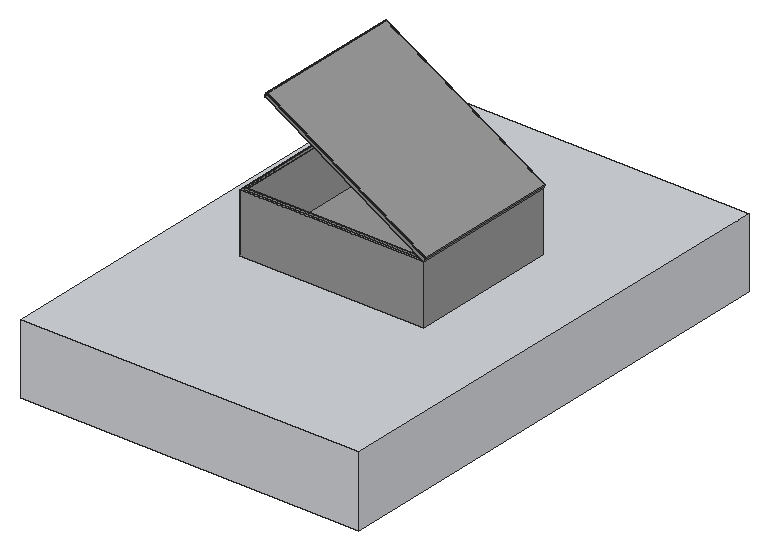
Revit family "Hager-Univers-IP55-D275-H650-Cl.II-Steel_encl-ES-es", category Equipement électrique, Revit 2020
Family settings
  Hôte = Face
  Configuration du panneau = Deux colonnes, circuits au sein
  Cote de connecteur circulaire = Utiliser le diamètre
  Type d'élément = Tableau de raccordement
  Couper avec des vides une fois chargée = Non
  Partagée = Non
  Point de calcul de pièce = Non
Parameters (values of type "Montado superficial (escayola) IP55 A800 A650 P275  - FR43S")
  Width Control [instance] = if([EF000008 - Anchura] > Min Width, [EF000008 - Anchura], Min Width)  # 800 mm
  Commentaires du type = [HG000003 - Gama]  # "Univers"
  Thickness Door [instance] = if([EF009171 - Espesor puerta/tapa] > 3 mm, 3 mm, [EF009171 - Espesor puerta/tapa])  # 1.5 mm
  Seal Frame Offset [instance] = 17 mm  # constant formula
  Plinth Visibility [instance] = [HG000027 - Altura de zócalo] > 0 mm  # no
  Model = ""
  Min Width [instance] = 100 mm  # constant formula
  Min Height [instance] = 100 mm  # constant formula
  Min Depth [instance] = (2 * [EF009170 - Espesor del material de la caja]) + 1 mm  # 4 mm
  Internal Frame Depth [instance] = (Door System Depth * 0.5)  # 9 mm
  Height Control [instance] = if([EF000040 - Altura] > Min Height, [EF000040 - Altura], Min Height)  # 650 mm
  HG000027 - Altura de zócalo = 0 mm
  HG000026 - Instalación en suelo = no
  HG000024 - Altura de la sección inferior = 800 mm
  HG000023 - Caja de doble sección = no
  HG000016 - Visibilidad de la puerta 3D [instance] = yes
  HG000015 - Visibilidad a través de la puerta [instance] = no
  HG000014 - Puerta a la derecha [instance] = yes
  HG000013 - Puerta a la izquierda [instance] = not([HG000014 - Puerta a la derecha])  # no
  HG000012 - Ángulo de giro de la puerta [instance] = 30.00°
  HG000010 - Puertas asimétricas = no
  HG000009 - Puerta batiente doble = no
  HG000006 - Empotrado = no
  HG000004 - Referencia del fabricante = "FR43S"
  HG000003 - Gama = "Univers"
  HG000002 - Con puerta o tapa = yes
  Frame Offset Bottom [instance] = 10 mm  # constant formula
  Frame Offset [instance] = 15 mm  # constant formula
  EF015940 - Tapa con alivio de sobrepresión = no
  EF011959 - Grado de protección (NEMA) = ""
  EF009554 - Número de aberturas para placas-brida = 6
  Fabricant = "Hager"  # constant formula
  EF009212 - Versión de la cubierta = "EV000116 - Cerrado"
  EF009171 - Espesor puerta/tapa = 1.5 mm
  EF009170 - Espesor del material de la caja = 1.5 mm
  EF008873 - Corriente nominal (In) = 800 A
  EF007800 - Adecuado para la protección contra rayos = no
  EF006306 - Con cierre = no
  EF006244 - Tapa/puerta transparente = no
  EF005474 - Grado de protección (IP) = "EV006420 - IP55"
  EF004464 - Tipo de puerta = "EV002646 - Único"
  EF004427 - Número de módulos = 144
  EF004293 - Resistencia al impacto (IK) = "EV008784 - IK10"
  EF003532 - Adecuado para uso en exteriores = no
  EF002950 - Anchura de unidades de división = 24
  EF001613 - Integridad del circuito = "EV000494 - Ninguno"
  EF001596 - Material de la carcasa = "EV000179 - Acero"
  EF001131 - Profundidad interna = 275 mm
  EF001088 - Posibilidad de extensión = yes
  EF000437 - Número de entradas de conductos de cables = 6
  EF000339 - Tipo de cubierta = "EV004216 - Puerta"
  EF000266 - Número de filas = 4
  EF000218 - Profundidad de instalación = 0 mm
  EF000118 - Con placa de montaje = no
  EF000116 - Número RAL = "7035"
  EF000049 - Profundidad = 275 mm
  EF000040 - Altura = 650 mm
  EF000008 - Anchura = 800 mm
  EF000007 - Color = "EV000270 - Gris"
  EF000003 - Tipo de montaje = "EV000384 - Montado superficial (escayola)"
  Door System Leaf Tolerance [instance] = 1.5 mm  # constant formula
  Door System Depth [instance] = 18 mm  # constant formula
  Door Height [instance] = Height Control - [HG000027 - Altura de zócalo]  # 650 mm
  Depth Control [instance] = if([EF000049 - Profundidad] > Min Depth, [EF000049 - Profundidad], Min Depth)  # 275 mm
  Default Elevation = 0 mm
  Connector Offset [instance] = Height Control / 2  # 325 mm
  Bottom Top Plate Trim [instance] = 1.5 mm  # constant formula
  Plinth height Ctrl [instance] = if([HG000027 - Altura de zócalo] > 0 mm, [HG000027 - Altura de zócalo], 12 mm)  # 12 mm
Types (5, lengths in mm): name | Width Control | HG000010 - Puertas asimétricas | HG000009 - Puerta batiente doble | HG000004 - Referencia del fabricante | EF009554 - Número de aberturas para placas-brida | EF004464 - Tipo de puerta | EF004427 - Número de módulos | EF000437 - Número de entradas de conductos de cables | EF000008 - Anchura
  Montado superficial (escayola) IP55 A1050 A650 P275  - FR44S | 1050 | no | yes | "FR44S" | 8 | "EV003602 - Doble" | 192 | 8 | 1050
  Montado superficial (escayola) IP55 A1300 A650 P275  - FR45S | 1300 | yes | yes | "FR45S" | 10 | "EV003602 - Doble" | 240 | 10 | 1300
  Montado superficial (escayola) IP55 A300 A650 P275  - FR41S | 300 | no | no | "FR41S" | 2 | "EV002646 - Único" | 48 | 2 | 300
  Montado superficial (escayola) IP55 A550 A650 P275  - FR42S | 550 | no | no | "FR42S" | 4 | "EV002646 - Único" | 96 | 4 | 550
  Montado superficial (escayola) IP55 A800 A650 P275  - FR43S | 800 | no | no | "FR43S" | 6 | "EV002646 - Único" | 144 | 6 | 800
Reference planes
  plane 1 "Center (Front/Back)": y = 0
  plane 2: z = 0
  plane 3 "Center (Left/Right)": x = 0
  plane 4: z = 275
  plane 5: y = 1.5
  plane 6: y = 325
  plane 7: y = 0
  plane 8: y = 650
  plane 9: z = 0
  plane 10: x = -385
  plane 11: x = 385
  plane 12: x = 383.5
  plane 13: x = -383.5
  plane 14: y = 648.5
  plane 15: x = -383
  plane 16: x = -400
  plane 17: x = 383
  plane 18: x = 400
  plane 19: x = 398.5
  plane 20: x = -398.5
  plane 21: y = 11.5
  plane 22: y = 650
  plane 23: y = 633.5
  plane 24: z = 257
  plane 25: z = 1.5
  plane 26: z = 255.5
  plane 27: z = 273.5
Forms (mm)
  Extrusion 1, solid
    sketch origin (0, 0, 0) x (1, 0, 0) y (0, 1, 0)
      loop
        line (-702.964, 1305) -> (-702.964, -811.445) -> (766.763, -811.445) -> (766.763, 1305) -> (-702.964, 1305)
    from 0 to -304.8
  Extrusion 2, solid, material "Hager_Steel_RAL7035_Light_Grey", visible <- "Plinth Visibility", detail levels medium+fine
    sketch origin (0, 0, 0) x (1, 0, 0) y (0, 1, 0)
      loop
        line (-400, 0) -> (400, 0) -> (400, 12) -> (-400, 12) -> (-400, 0)
    from 0 to 257
  Extrusion 3, solid, material "Hager_Steel_RAL7035_Light_Grey", detail levels medium+fine
    sketch origin (0, 0, 0) x (1, 0, 0) y (0, 1, 0)
      loop
        line (-400, 0) -> (400, 0) -> (400, 650) -> (-400, 650) -> (-400, 0)
    from 0 to 257
  Extrusion 4, void
    sketch origin (0, 0, 0) x (1, 0, 0) y (0, 1, 0)
      loop
        line (-398.5, 1.5) -> (398.5, 1.5) -> (398.5, 648.5) -> (-398.5, 648.5) -> (-398.5, 1.5)
    from 1.5 to 255.5
  Extrusion 5, void
    sketch origin (-381.607, -4572, 257) x (0, -1, 0) y (-1, 0, 0)
      loop
        line (-4583.5, 1.893) -> (-5205.5, 1.893) -> (-5205.5, -765.107) -> (-4583.5, -765.107) -> (-4583.5, 1.893)
    from 0 to 1.5 <- "EF009170 - Espesor del material de la caja"
  Extrusion 6, solid, material "Hager_Steel_RAL7035_Light_Grey", detail levels fine
    sketch origin (0, 0, 257) x (1, 0, 0) y (0, 1, 0)
      loop
        line (-383.5, 633.5) -> (-383.5, 11.5) -> (383.5, 11.5) -> (383.5, 633.5) -> (-383.5, 633.5)
      loop
        line (-385, 10) -> (385, 10) -> (385, 635) -> (-385, 635) -> (-385, 10)
    from 0 to 9 <- "Internal Frame Depth"
  Extrusion 7, solid, material "Hager_Steel_RAL7035_Light_Grey", detail levels coarse
    sketch origin (0, 0, 0) x (1, 0, 0) y (0, 1, 0)
      loop
        line (-400, 0) -> (400, 0) -> (400, 650) -> (-400, 650) -> (-400, 0)
    from 0 to 275
  Sweep 8, void
    path in 3D
      loop
        line (-400, 12, 0) -> (400, 12, 0) -> (400, 12, 257) -> (-400, 12, 257) -> (-400, 12, 0)
    profile origin (-400, 12, 128.5) x (-1, 0, 0) y (0, -1, 0)
      loop
        line (0, 0) -> (0, 1.5) -> (-1.5, 1.5)
        arc (-1.5, 1.5) -> (-1.061, 0.439) -> (0, 0) r 1.5
Cuts and joins
  Extrusion 4, Extrusion 5 cuts Extrusion 3
  Sweep 8 cuts Extrusion 2
Lines and regions (mm)
  Masking region 1
    outline origin (0, 0, 0) x (1, 0, 0) y (0, 0, 1)
      loop
        line (-400, 275) -> (-400, 0) -> (400, 0) -> (400, 275) -> (-400, 275)
  Masking region 2, detail levels medium+fine
    outline origin (0, 140, 0) x (0, 1, 0) y (0, 0, 1)
      loop
        line (-140, 0) -> (510, 0) -> (510, 257) -> (-140, 257) -> (-140, 0)
  Masking region 3, not visible, detail levels medium+fine
    outline origin (0, 297.922, 0) x (0, 1, 0) y (0, 0, 1)
      loop
        line (38.578, 0) -> (78.578, 0) -> (78.578, 263.5)
        arc (78.578, 263.5) -> (75.649, 270.571) -> (68.578, 273.5) r 10
        line (68.578, 273.5) -> (38.578, 273.5) -> (38.578, 0)
  Masking region 4, detail levels coarse
    outline origin (0, 0, 180) x (0, 1, 0) y (0, 0, 1)
      loop
        line (0, -180) -> (650, -180) -> (650, 95) -> (0, 95) -> (0, -180)
  Masking region 5, visible <- "Plinth Visibility", detail levels medium+fine
    outline origin (0, 52.24, 12.345) x (0, 0, -1) y (0, 1, 0)
      loop
        line (10.845, -40.24) -> (-243.155, -40.24)
        arc (-243.155, -40.24) -> (-243.594, -41.301) -> (-244.655, -41.74) r 1.5
        line (-244.655, -41.74) -> (-244.655, -52.24) -> (12.345, -52.24) -> (12.345, -41.74)
        arc (12.345, -41.74) -> (11.285, -41.301) -> (10.845, -40.24) r 1.5
  Masking region 6, detail levels medium+fine
    outline origin (-381.607, -4572, 257) x (-1, 0, 0) y (0, -1, 0)
      loop
        line (18.393, -5222) -> (18.393, -4572) -> (-781.607, -4572) -> (-781.607, -5222) -> (18.393, -5222)
  Masking region 7, visible <- "Plinth Visibility", detail levels medium+fine
    outline origin (-381.607, -4727, 257) x (-1, 0, 0) y (0, -1, 0)
      loop
        arc (16.893, -4739) -> (17.332, -4737.939) -> (18.393, -4737.5) r 1.5
        line (18.393, -4737.5) -> (18.393, -4727) -> (-781.607, -4727) -> (-781.607, -4737.5)
        arc (-781.607, -4737.5) -> (-780.546, -4737.939) -> (-780.107, -4739) r 1.5
        line (-780.107, -4739) -> (16.893, -4739)
  Masking region 8, detail levels coarse
    outline origin (-442.548, -4669.526, 257) x (-1, 0, 0) y (0, -1, 0)
      loop
        line (-42.548, -5319.526) -> (-42.548, -4669.526) -> (-842.548, -4669.526) -> (-842.548, -5319.526) -> (-42.548, -5319.526)
  sketch lines
    curve 1: line (-400, 12, 257) -> (-400, 12, 0)
    curve 2: line (400, 12, 257) -> (-400, 12, 257)
    curve 3: line (400, 12, 257) -> (400, 12, 0)
    curve 4: line (-400, 12, 0) -> (400, 12, 0)
Dimensions and locks
  "Depth Control": plane 4 to Extrusion 1
  "HG000027 - Altura de zócalo": plane 1 "Center (Front/Back)" to plane 7
  "EF009170 - Espesor del material de la caja": plane 5 to plane 7
  locked: connector elem to plane 3 "Center (Left/Right)"
  equal spacing: plane 8, plane 6, plane 7
  locked: connector elem to plane 6
  "EF009170 - Espesor del material de la caja": plane 8 to plane 14
  "EF009170 - Espesor del material de la caja": plane 10 to plane 13
  "EF009170 - Espesor del material de la caja": plane 12 to plane 11
  "Frame Offset": plane 20 to plane 13
  "Frame Offset": plane 12 to plane 19
  "EF009170 - Espesor del material de la caja": plane 16 to plane 20
  "EF009170 - Espesor del material de la caja": plane 19 to plane 18
  "Seal Frame Offset": plane 16 to plane 15
  "Seal Frame Offset": plane 17 to plane 18
  "Frame Offset Bottom": plane 21 to plane 5
  "Frame Offset": plane 14 to plane 23
  equal spacing: plane 16, plane 3 "Center (Left/Right)", plane 18
  "Width Control": plane 16 to plane 18
  "EF009170 - Espesor del material de la caja": plane 4 to plane 27
  "EF009170 - Espesor del material de la caja": plane 24 to plane 26
  "EF009170 - Espesor del material de la caja": plane 25 to level
  "Door System Depth": plane 4 to plane 24
  "Height Control": plane 1 "Center (Front/Back)" to Extrusion 7 sketch curve
  "Height Control": Masking region 4 sketch curve to plane 1 "Center (Front/Back)"
  "Height Control": plane 1 "Center (Front/Back)" to plane 22
  "Bottom Top Plate Trim": profile plane to Sweep 8 sketch curve
  "Bottom Top Plate Trim": Sweep 8 sketch curve to profile plane
  "Plinth height Ctrl": plane 1 "Center (Front/Back)" to Extrusion 2 sketch curve
  "Plinth height Ctrl": Masking region 5 sketch curve to plane 1 "Center (Front/Back)"
  "Plinth height Ctrl": plane 1 "Center (Front/Back)" to Masking region 7 sketch curve
  "Thickness Door": Extrusion 6 sketch curve to Extrusion 6 sketch curve  (x3)
  "Thickness Door": cut or joined group of Extrusion 3, Extrusion 4, Extrusion 5 to Extrusion 6 sketch curve
  radius of Masking region 3 sketch curve = 10 mm
  "Bottom Top Plate Trim": radius of Masking region 5 sketch curve  (x2)
  "Bottom Top Plate Trim": radius of Sweep 8 sketch curve
  "Bottom Top Plate Trim": radius of Masking region 7 sketch curve  (x2)
  aligned and locked: plane 2 to Extrusion 1
  aligned and locked: level to Extrusion 1
  aligned and locked: level to Masking region 1 sketch curve
  aligned and locked: Masking region 1 sketch curve to plane 18
  aligned and locked: Masking region 1 sketch curve to plane 16
  aligned and locked: plane 7 to Masking region 2 sketch curve
  aligned and locked: level to Masking region 3 sketch curve
  aligned and locked: Masking region 3 sketch curve to plane 27
  aligned and locked: level to Masking region 2 sketch curve
  aligned and locked: plane 1 "Center (Front/Back)" to Extrusion 2 sketch curve
  aligned and locked: Extrusion 3 sketch curve to plane 7
  aligned and locked: plane 16 to Extrusion 3 sketch curve
  aligned and locked: plane 18 to Extrusion 3 sketch curve
  aligned and locked: plane 20 to Extrusion 4 sketch curve
  aligned and locked: plane 19 to Extrusion 4 sketch curve
  aligned and locked: Extrusion 4 sketch curve to plane 5
  aligned and locked: Extrusion 4 to plane 25
  aligned and locked: plane 26 to Extrusion 4
  aligned and locked: plane 24 to Extrusion 3
  aligned and locked: Extrusion 5 sketch curve to plane 21
  aligned and locked: Extrusion 5 sketch curve to plane 13
  aligned and locked: Extrusion 5 sketch curve to plane 12
  aligned and locked: plane 18 to Extrusion 7 sketch curve
  aligned and locked: plane 1 "Center (Front/Back)" to Extrusion 7 sketch curve
  aligned and locked: plane 16 to Extrusion 7 sketch curve
  aligned and locked: plane 4 to Extrusion 7
  aligned and locked: Extrusion 7 to level
  aligned and locked: level to Masking region 4 sketch curve
  aligned and locked: Masking region 4 sketch curve to plane 1 "Center (Front/Back)"
  aligned and locked: Masking region 4 sketch curve to plane 4
  aligned and locked: nested 1 to level
  aligned and locked: nested 1 to plane 16
  aligned and locked: plane 8 to Extrusion 3 sketch curve
  aligned and locked: plane 23 to Extrusion 5 sketch curve
  aligned and locked: plane 14 to Extrusion 4 sketch curve
  aligned and locked: Masking region 2 sketch curve to plane 8
  aligned and locked: level to Masking region 5 sketch curve
  aligned and locked: plane 16 to Extrusion 2 sketch curve
  aligned and locked: plane 18 to Extrusion 2 sketch curve
  aligned and locked: Masking region 5 sketch curve to plane 24
  aligned and locked: Masking region 2 sketch curve to plane 24
  aligned and locked: plane 24 to Extrusion 2
  aligned and locked: profile plane to Sweep 8 sketch curve  (x2)
  aligned and locked: Masking region 6 sketch curve to plane 18
  aligned and locked: Masking region 6 sketch curve to plane 22
  aligned and locked: Masking region 6 sketch curve to plane 16
  aligned and locked: plane 8 to plane 22
  aligned and locked: Masking region 6 sketch curve to plane 7
  aligned and locked: Masking region 7 sketch curve to plane 16
  aligned and locked: Masking region 7 sketch curve to plane 1 "Center (Front/Back)"
  aligned and locked: Masking region 7 sketch curve to plane 18
  aligned and locked: Masking region 8 sketch curve to plane 1 "Center (Front/Back)"
  aligned and locked: Masking region 8 sketch curve to plane 18
  aligned and locked: Masking region 8 sketch curve to plane 22
  aligned and locked: Masking region 8 sketch curve to plane 16
  aligned and locked: nested 2 to plane 7
  aligned and locked: plane 3 "Center (Left/Right)" to nested 2
  aligned and locked: nested 2 to plane 24
  aligned and locked: Extrusion 6 sketch curve to cut or joined group of Extrusion 3, Extrusion 4, Extrusion 5  (x4)
Automatic sketch dimensions
  Extrusion 1 sketch curve to Extrusion 1 sketch curve = 1469.727 mm
  Extrusion 1 sketch curve to Extrusion 1 sketch curve = 2116.445 mm
  Masking region 1 sketch curve to plane 4 = 0 mm
  plane 6 to Masking region 3 sketch curve = 11.5 mm
  Masking region 3 sketch curve to Masking region 3 sketch curve = 30 mm
  Masking region 5 sketch curve to plane 1 "Center (Front/Back)" = 0 mm
Nested families
  nested 1: "Hager_Enclosure_Symbol" at (-400, 0, 0) x (1, 0, 0) z (0, -1, 0), Height <- "Depth Control", Width <- "Width Control", type "Hager_Enclosure_Symbol"
    with Width_Ctrl 800 mm, Width 800 mm, Height_Ctrl 275 mm, Height 275 mm, A_Width_Int 18.047 mm, A_Width 216.562 mm, A_Height_Ctrl 240.625 mm, A_Height 240.625 mm
  nested 2: "EC000058_Univers_Door" at (0, 0, 257) x (1, 0, 0) z (0, 1, 0), Leaf_Tolerance <- "Door System Leaf Tolerance", Angle <- "HG000012 - Ángulo de giro de la puerta", Door_Depth <- "Door System Depth", Door_Left <- "HG000013 - Puerta a la izquierda", Transparent <- "EF006244 - Tapa/puerta transparente", Assymetrical <- "HG000010 - Puertas asimétricas", Width <- "Width Control", Clearance <- "HG000015 - Visibilidad a través de la puerta", Double <- "HG000009 - Puerta batiente doble", 3d_Door <- "HG000016 - Visibilidad de la puerta 3D", Lock_Visibility <- "EF006306 - Con cierre", Width_Ctrl <- "Width Control", Door_Right <- "HG000014 - Puerta a la derecha", Door <- "HG000002 - Con puerta o tapa", Height <- "Door Height", Thickness <- "Thickness Door", type "EC000058_Univers_Door", detail levels medium+fine
    with min_wh 4 mm, Width_Ctrl 800 mm, Width 800 mm, Transparent no, Thickness 1.5 mm, Seal_Material Hager_Rubber, Lock_Visibility no, Lock_Material Hager_Plastic_RAL9005_Jet_Black, Leaf_Width 800 mm, Leaf_Tolerance_External_Sides 0 mm, Leaf_Tolerance 1.5 mm, Leaf_Offset 0 mm, Leaf_Height 647 mm, Leaf_2_Width 800 mm, Leaf_2_Offset 400 mm, Leaf_1_Width 800 mm, Leaf_1_Offset 400 mm, Height_Ctrl 650 mm, Height 650 mm, Glass_Material Hager_Glass, Double_Clearance_Ctrl no, Double no, Door_Right_Ctrl yes, Door_Right yes, Door_Material Hager_Steel_RAL7035_Light_Grey, Door_Left_Ctrl no, Door_Left no, Door_Depth 18 mm, Door yes, Clearance_Material Hager_Clearance, Clearance_Depth 800 mm, Clearance_Ctrl no, Clearance no, Assymetrical no, Angle 30.00°, 3d_Door yes
Connectors
  electrical at (0, 325, 0)
    settings: on plane 9, index 1, voltage 0 V, apparent load 0 VA, apparent load phase1 0 VA, apparent load phase2 0 VA, apparent load phase3 0 VA, power factor 1, load classification "Other", number of poles 1, system type 30, power factor state 1, is connector primary yes, connector utility no, sub classification motor no, connector description ""
Definition of nested family "EC000058_Univers_Door"
  Parameters (values of type "EC000058_Univers_Door")
    min_wh [instance] = (2 * Thickness) + 1 mm  # 11 mm
    Width_Ctrl [instance] = 400 mm
    Width [instance] = 500 mm
    Transparent [instance] = yes
    Thickness [instance] = 5 mm
    Seal_Material [instance] = none
    Lock_Visibility [instance] = yes
    Lock_Material [instance] = none
    Leaf_Width [instance] = if((Width_Ctrl - 2 * Leaf_Tolerance_External_Sides) > 0 mm, (Width_Ctrl - 2 * Leaf_Tolerance_External_Sides), min_wh)  # 400 mm
    Leaf_Tolerance_External_Sides [instance] = 0 mm  # constant formula
    Leaf_Tolerance [instance] = 1.5 mm
    Leaf_Offset [instance] = 0 mm  # constant formula
    Leaf_Height [instance] = if((Height_Ctrl - 2 * Leaf_Tolerance) > 0 mm, (Height_Ctrl - 2 * Leaf_Tolerance), min_wh)  # 497 mm
    Leaf_2_Width [instance] = if(and(and(Double, Assymetrical), Door_Left), (Leaf_Width / 3) - (Leaf_Tolerance / 2), if(and(and(Double, Assymetrical), Door_Right), (Leaf_Width / 3) * 2 - (Leaf_Tolerance / 2), if(and(Double, not(Assymetrical)), (Leaf_Width / 2) - Leaf_Tolerance, Leaf_Width)))  # 400 mm
    Leaf_2_Offset [instance] = if(and(Double, Assymetrical), Leaf_2_Width / 2, if(and(Double, not(Assymetrical)), Leaf_Width / 4, Leaf_Width / 2))  # 200 mm
    Leaf_1_Width [instance] = if(and(and(Double, Assymetrical), Door_Right), (Leaf_Width / 3) - (Leaf_Tolerance / 2), if(and(and(Double, Assymetrical), Door_Left), (Width / 3) * 2 - (Leaf_Tolerance / 2), if(and(Double, not(Assymetrical)), (Leaf_Width / 2) - Leaf_Tolerance, Leaf_Width)))  # 400 mm
    Leaf_1_Offset [instance] = if(and(Double, Assymetrical), Leaf_1_Width / 2, if(and(Double, not(Assymetrical)), Leaf_Width / 4, Leaf_Width / 2))  # 200 mm
    Height_Ctrl [instance] = if(Height > min_wh, Height, min_wh)  # 500 mm
    Height [instance] = 500 mm
    Glass_Material [instance] = none
    Double_Clearance_Ctrl [instance] = and(Double, Clearance)  # no
    Double [instance] = no
    Door_Right_Ctrl [instance] = and(or(Door_Right, Double), Door)  # yes
    Door_Right [instance] = yes
    Door_Material [instance] = none
    Door_Left_Ctrl [instance] = and(or(Door_Left, Double), Door)  # no
    Door_Left [instance] = no
    Door_Depth [instance] = 30 mm
    Door [instance] = yes
    Default Elevation = 1219.2 mm
    Clearance_Material [instance] = none
    Clearance_Depth [instance] = if(Leaf_1_Width > Leaf_2_Width, Leaf_1_Width, Leaf_2_Width)  # 400 mm
    Clearance_Ctrl [instance] = and(not(Double), Clearance)  # yes
    Clearance [instance] = yes
    Assymetrical [instance] = yes
    Angle [instance] = 30.00°
    3d_Door [instance] = yes
  Reference planes
    plane 1 "Center (Front/Back)": y = 0
    plane 2 "Bottom": z = 0
    plane 3 "Center (Left/Right)": x = 0
    plane 4: z = 500
    plane 5: x = -200
    plane 6: x = 200
    plane 7: z = 500
    plane 8: x = -200
    plane 9: z = 0
    plane 10: x = 200
    plane 11: y = 0
    plane 12: z = 1.5
    plane 13: x = -600
    plane 14: y = -400
    plane 15: x = 600
    plane 16: x = 0
    plane 17: x = 0
    plane 18: x = -200
    plane 19: x = 200
    plane 20: z = 498.5
  Forms (mm)
    Extrusion 1, solid, material <- "Clearance_Material", visible <- "Double_Clearance_Ctrl"
      sketch origin (1200, 0, 0) x (1, 0, 0) y (0, 0, -1)
        loop
          line (-1800, -498.5) -> (-600, -498.5) -> (-600, 0) -> (-1800, 0) -> (-1800, -498.5)
      from 0 to -400
  Dimensions and locks
    equal spacing: plane 5, plane 3 "Center (Left/Right)", plane 6
    "Width_Ctrl": plane 5 to plane 6
    "Leaf_Offset": plane 5 to plane 8
    "Leaf_Offset": plane 6 to plane 10
    "Leaf_Offset": plane 9 to level
    "Leaf_Offset": plane 4 to plane 7
    "Height_Ctrl": plane 4 to level
    "Leaf_Tolerance": plane 12 to plane 9
    locked: plane 11 to plane 1 "Center (Front/Back)"
    "Leaf_1_Offset": plane 18 to plane 16
    "Leaf_2_Offset": plane 17 to plane 19
    "Leaf_1_Width": plane 13 to plane 8
    "Leaf_2_Width": plane 10 to plane 15
    "Clearance_Depth": plane 14 to plane 1 "Center (Front/Back)"
    "Leaf_Tolerance_External_Sides": plane 8 to plane 18
    "Leaf_Tolerance_External_Sides": plane 19 to plane 10
    "Leaf_Tolerance": plane 7 to plane 20
    aligned and locked: level to plane 2 "Bottom"
    aligned and locked: nested 1 to plane 16
    aligned and locked: nested 2 to plane 17
    aligned and locked: Extrusion 1 to plane 13
    aligned and locked: plane 15 to Extrusion 1
    aligned and locked: Extrusion 1 to plane 14
    aligned and locked: plane 12 to nested 1
    aligned and locked: nested 2 to plane 12
    aligned and locked: Extrusion 1 to plane 11
    aligned and locked: plane 20 to Extrusion 1
    aligned and locked: nested 2 to plane 11
    aligned and locked: nested 1 to plane 11
  Automatic sketch dimensions
    Extrusion 1 sketch curve to level = 0 mm
    plane 5 to Extrusion 1 sketch curve = 400 mm
    plane 6 to Extrusion 1 sketch curve = 400 mm
    Extrusion 1 sketch curve to plane 4 = 1.5 mm
  Nested families
    nested 1: "EC000058_Univers_Door_Leaf" at (0, 0, 1.5), Width <- "Leaf_1_Width", visible <- "Door_Left_Ctrl", Leaf_Height <- "Leaf_Height", Angle <- "Angle", 3d_Door <- "3d_Door", Transparent <- "Transparent", Clearance Material <- "Clearance_Material", Clearance <- "Clearance_Ctrl", Door_Material <- "Door_Material", Glass_Material <- "Glass_Material", Door_Depth <- "Door_Depth", Lock_Material <- "Lock_Material", Seal_Material <- "Seal_Material", Lock_Visibility <- "Lock_Visibility", Thickness <- "Thickness", type "EC000058_Univers_Door_Leaf"
      with Width 400 mm, Transparent_Glass_Offset 30 mm, Transparent_Ctrl yes, Transparent yes, Thickness 5 mm, Standard no, Seal_Material none, Seal_D2 8 mm, Seal_D1 1 mm, Offset_Internal_Frame 10 mm, Lock_Width 20 mm, Lock_Visibility_3d yes, Lock_Visibility yes, Lock_Thickness_3 3 mm, Lock_Thickness_2 1 mm, Lock_Thickness_1 3 mm, Lock_Radius_Offset_2 16 mm, Lock_Radius_Offset_1 15 mm, Lock_Radius_2 5 mm, Lock_Radius 6 mm, Lock_Offset 5 mm, Lock_Material none, Lock_Height 80 mm, Lock_Cover_Top_Offset_2d 17 mm, Lock_Cover_Height -65 mm, Leaf_Height 497 mm, Internal_Seal_Thickness 8 mm, Internal_Seal_Depth_2 4.5 mm, Internal_Frame_Depth 25 mm, Glass_Thickness -1 mm, Glass_Offset -2 mm, Glass_Material none, Door_Material none, Door_Depth 30 mm, Clearance Material none, Clearance yes, Angle_Ctrl 30.00°, Angle 30.00°, 3d_Door yes
    nested 2: "EC000058_Univers_Door_Leaf" at (0, 0, 1.5) x (-1, 0, 0) z (0, 0, 1), Width <- "Leaf_2_Width", visible <- "Door_Right_Ctrl", Leaf_Height <- "Leaf_Height", Angle <- "Angle", 3d_Door <- "3d_Door", Transparent <- "Transparent", Clearance Material <- "Clearance_Material", Clearance <- "Clearance_Ctrl", Door_Material <- "Door_Material", Glass_Material <- "Glass_Material", Door_Depth <- "Door_Depth", Lock_Material <- "Lock_Material", Seal_Material <- "Seal_Material", Lock_Visibility <- "Lock_Visibility", Thickness <- "Thickness", type "EC000058_Univers_Door_Leaf"
      with Width 400 mm, Transparent_Glass_Offset 30 mm, Transparent_Ctrl yes, Transparent yes, Thickness 5 mm, Standard no, Seal_Material none, Seal_D2 8 mm, Seal_D1 1 mm, Offset_Internal_Frame 10 mm, Lock_Width 20 mm, Lock_Visibility_3d yes, Lock_Visibility yes, Lock_Thickness_3 3 mm, Lock_Thickness_2 1 mm, Lock_Thickness_1 3 mm, Lock_Radius_Offset_2 16 mm, Lock_Radius_Offset_1 15 mm, Lock_Radius_2 5 mm, Lock_Radius 6 mm, Lock_Offset 5 mm, Lock_Material none, Lock_Height 80 mm, Lock_Cover_Top_Offset_2d 17 mm, Lock_Cover_Height -65 mm, Leaf_Height 497 mm, Internal_Seal_Thickness 8 mm, Internal_Seal_Depth_2 4.5 mm, Internal_Frame_Depth 25 mm, Glass_Thickness -1 mm, Glass_Offset -2 mm, Glass_Material none, Door_Material none, Door_Depth 30 mm, Clearance Material none, Clearance yes, Angle_Ctrl 30.00°, Angle 30.00°, 3d_Door yes
  Definition of nested family "EC000058_Univers_Door_Leaf"
    Parameters (values of type "EC000058_Univers_Door_Leaf")
      Width [instance] = 2000 mm
      Transparent_Glass_Offset [instance] = 30 mm
      Transparent_Ctrl [instance] = and(Transparent, [3d_Door])  # yes
      Transparent [instance] = yes
      Thickness [instance] = 5 mm
      Standard [instance] = and(not(Transparent), [3d_Door])  # no
      Seal_Material [instance] = none
      Seal_D2 [instance] = 8 mm  # constant formula
      Seal_D1 [instance] = 1 mm  # constant formula
      Offset_Internal_Frame [instance] = 10 mm  # constant formula
      Lock_Width [instance] = 20 mm  # constant formula
      Lock_Visibility_3d [instance] = and(Lock_Visibility, [3d_Door])  # yes
      Lock_Visibility [instance] = yes
      Lock_Thickness_3 [instance] = 3 mm  # constant formula
      Lock_Thickness_2 [instance] = 1 mm  # constant formula
      Lock_Thickness_1 [instance] = 3 mm  # constant formula
      Lock_Radius_Offset_2 [instance] = Lock_Radius_Offset_1 + 1 mm  # 16 mm
      Lock_Radius_Offset_1 [instance] = 15 mm  # constant formula
      Lock_Radius_2 [instance] = Lock_Radius - 1 mm  # 5 mm
      Lock_Radius [instance] = 6 mm  # constant formula
      Lock_Offset [instance] = 5 mm  # constant formula
      Lock_Material [instance] = none
      Lock_Height [instance] = 80 mm  # constant formula
      Lock_Cover_Top_Offset_2d [instance] = Lock_Radius_Offset_2 + 1 mm  # 17 mm
      Lock_Cover_Height [instance] = -(Lock_Height - Lock_Radius_Offset_1)  # -65 mm
      Leaf_Height [instance] = 2720.336 mm
      Internal_Seal_Thickness [instance] = 8 mm  # constant formula
      Internal_Seal_Depth_2 [instance] = 4.5 mm  # constant formula
      Internal_Frame_Depth [instance] = if(Door_Depth - Thickness > 5 mm, Door_Depth - Thickness, 5 mm)  # 25 mm
      Glass_Thickness [instance] = if(Thickness > 15 mm, Glass_Offset + 10 mm, -1 mm)  # -1 mm
      Glass_Offset [instance] = if(Thickness > 15 mm, -(Thickness + 10 mm) / 2, -2 mm)  # -2 mm
      Glass_Material [instance] = none
      Door_Material [instance] = none
      Door_Depth [instance] = 30 mm
      Default Elevation = 0 mm
      Clearance Material [instance] = none
      Clearance [instance] = yes
      Angle_Ctrl [instance] = if(Angle > 180.00°, 180.00°, Angle)  # 90.00°
      Angle [instance] = 90.00°
      3d_Door [instance] = yes
    Reference planes
      plane 1 "Center (Front/Back)": y = 0
      plane 2: z = 0
      plane 3 "Center (Left/Right)": x = 0
      plane 4: y = 2000
      plane 5: x = -1000
      plane 6: x = 1000
      plane 7: x = -3000
      plane 8: z = 2720.336
      plane 9: z = 30
      plane 10: z = 2690.336
      plane 11: x = 970
      plane 12: x = -970
      plane 13: y = -3
      plane 14: z = 107.833
      plane 15: y = -5
      plane 16: y = -223.314
      plane 17: x = -1000
      plane 18: z = 1360.168
      plane 19: y = 30
    Forms (mm)
      Extrusion 1, solid, material <- "Clearance Material", visible <- "Clearance"
        sketch origin (0, 0, 0) x (1, 0, 0) y (0, 0, 1)
          loop
            line (-3000, 2720.336) -> (-3000, 0) -> (1000, 0) -> (1000, 2720.336) -> (-3000, 2720.336)
        from 0 to -2000
      Extrusion 2, solid, material <- "Door_Material", visible <- "Standard", detail levels medium+fine
        sketch origin (-1000, 0, 0) x (0, 1, 0) y (-1, 0, 0)
          loop
            line (0, 30) -> (0, 25) -> (2000, 25) -> (2000, 30) -> (0, 30)
        from 0 to 2720.336 <- "Leaf_Height"
      Extrusion 3, solid, material <- "Door_Material", visible <- "Transparent_Ctrl", detail levels medium+fine
        sketch origin (-1000, 0, 0) x (0, 1, 0) y (-1, 0, 0)
          loop
            line (0, 25) -> (2000, 25) -> (2000, 30) -> (0, 30) -> (0, 25)
        from 0 to 2720.336 <- "Leaf_Height"
      Extrusion 4, void
        sketch origin (-1025, 2000, 0) x (0, 1, 0) y (0, 0, -1)
          loop
            line (-30, -2690.336) -> (-30, -30) -> (-1970, -30) -> (-1970, -2690.336) -> (-30, -2690.336)
        from 0 to 5 <- "Thickness"
      Sweep 5, solid, material <- "Seal_Material", visible <- "Transparent_Ctrl", detail levels fine
        path in 3D
          loop
            line (-1025, 30, 30) -> (-1025, 30, 2690.336) -> (-1025, 1970, 2690.336) -> (-1025, 1970, 30) -> (-1025, 30, 30)
        profile origin (-1025, 1000, 30) x (1, 0, 0) y (0, 0, 1)
          loop
            line (0, 0) -> (0, -8) -> (1, -8) -> (1, 0) -> (0, 0)
      Extrusion 6, solid, material <- "Glass_Material", visible <- "Transparent_Ctrl", detail levels medium+fine
        sketch origin (-1030, 0, 0) x (0, 1, 0) y (0, 0, -1)
          loop
            line (1970, -2690.336) -> (1970, -30) -> (30, -30) -> (30, -2690.336) -> (1970, -2690.336)
        from -2 <- "Glass_Offset" to -1 <- "Glass_Thickness"
      Extrusion 7, solid, material <- "Door_Material", visible <- "3d_Door", detail levels medium+fine
        sketch origin (-1025, 2000, 0) x (0, -1, 0) y (0, 0, -1)
          loop
            line (0, -2720.336) -> (2000, -2720.336) -> (2000, 0) -> (0, 0) -> (0, -2720.336)
          loop
            line (1995, -5) -> (5, -5) -> (5, -2715.336) -> (1995, -2715.336) -> (1995, -5)
        from 0 to 25 <- "Internal_Frame_Depth"
      Sweep 8, solid, material <- "Seal_Material", visible <- "Transparent_Ctrl", detail levels fine
        path in 3D
          loop
            line (-1025, 0, 0) -> (-1025, 2000, 0) -> (-1025, 2000, 2720.336) -> (-1025, 0, 2720.336) -> (-1025, 0, 0)
        profile origin (-1025, 0, 1360.168) x (1, 0, 0) y (0, 1, 0)
          loop
            line (0, 10) -> (2.975, 10)
            arc (2.975, 10) -> (4.053, 10.447) -> (4.5, 11.525) r 1.525
            line (4.5, 11.525) -> (4.5, 16.527)
            arc (4.5, 16.527) -> (4.069, 17.569) -> (3.027, 18) r 1.473
            line (3.027, 18) -> (0, 18) -> (0, 10)
      Extrusion 9, solid, material <- "Lock_Material", visible <- "Lock_Visibility_3d", detail levels fine
        sketch origin (-1030, 0, 0) x (0, 1, 0) y (0, 0, -1)
          loop
            arc (1993.5, -1400.168) -> (1994.561, -1399.729) -> (1995, -1398.668) r 1.5
            line (1995, -1398.668) -> (1995, -1320.168) -> (1975, -1320.168) -> (1975, -1398.668)
            arc (1975, -1398.668) -> (1975.439, -1399.729) -> (1976.5, -1400.168) r 1.5
            line (1976.5, -1400.168) -> (1993.5, -1400.168)
        from 3 <- "Lock_Thickness_1" to 0
      Blend 10, solid, material <- "Lock_Material", visible <- "Lock_Visibility_3d", detail levels fine
        base sketch origin (-1033, 0, 0) x (0, 1, 0) y (0, 0, -1)
          loop
            line (1975, -1320.168) -> (1975, -1398.668)
            arc (1975, -1398.668) -> (1975.439, -1399.729) -> (1976.5, -1400.168) r 1.5
            line (1976.5, -1400.168) -> (1993.5, -1400.168)
            arc (1993.5, -1400.168) -> (1994.561, -1399.729) -> (1995, -1398.668) r 1.5
            line (1995, -1398.668) -> (1995, -1320.168) -> (1975, -1320.168)
        top sketch origin (-1033, 0, 0) x (0, 1, 0) y (0, 0, -1)
          loop
            line (1976, -1320.168) -> (1976, -1398.668)
            arc (1976, -1398.668) -> (1976.146, -1399.022) -> (1976.5, -1399.168) r 0.5
            line (1976.5, -1399.168) -> (1993.5, -1399.168)
            arc (1993.5, -1399.168) -> (1993.854, -1399.022) -> (1994, -1398.668) r 0.5
            line (1994, -1398.668) -> (1994, -1320.168) -> (1976, -1320.168)
        from 0 to 1 <- "Lock_Thickness_2"
      Blend 11, solid, material <- "Lock_Material", visible <- "Lock_Visibility_3d", detail levels fine
        base sketch origin (-1034, 0, 0) x (0, 1, 0) y (0, 0, -1)
          loop
            line (1978, -1320.168) -> (1978, -1384.168)
            arc (1978, -1384.168) -> (1985, -1391.168) -> (1992, -1384.168) r 7
            line (1992, -1384.168) -> (1992, -1320.168) -> (1978, -1320.168)
        top sketch origin (-1034, 0, 0) x (0, 1, 0) y (0, 0, -1)
          loop
            line (1991, -1320.168) -> (1979, -1320.168) -> (1979, -1383.168)
            arc (1979, -1383.168) -> (1985, -1389.168) -> (1991, -1383.168) r 6
            line (1991, -1383.168) -> (1991, -1320.168)
        from 0 to 3 <- "Lock_Thickness_3"
      Extrusion 12, solid, material <- "Lock_Material", visible <- "Lock_Visibility_3d", detail levels fine
        sketch origin (-1030, 1975, 1320.168) x (1, 0, 0) y (0, -1, 0)
          loop
            line (-7, -19) -> (-7, -1) -> (0, -1) -> (0, 0) -> (-8, 0) -> (-8, -20) -> (0, -20) -> (0, -19) -> (-7, -19)
        from 0 to -65 <- "Lock_Cover_Height"
      Extrusion 13, void
        sketch origin (-1038, 1995, 1320.168) x (-1, 0, 0) y (0, 0, -1)
          loop
            line (-5, -65) -> (0, -65) -> (-5, -60) -> (-5, -65)
        from 0 to 20 <- "Lock_Width"
      Extrusion 14, void
        sketch origin (-1038, 1975, 1320.168) x (0, -1, 0) y (0, 0, -1)
          loop
            circle (-10, -15.995) r 6
          loop
            circle (-10, -15.995) r 5
        from 0 to 2
      Extrusion 15, solid, material <- "Lock_Material", visible <- "Lock_Visibility_3d", detail levels medium
        sketch origin (-1030, 0, 0) x (0, 1, 0) y (0, 0, -1)
          loop
            arc (1993.5, -1400.168) -> (1994.561, -1399.729) -> (1995, -1398.668) r 1.5
            line (1995, -1398.668) -> (1995, -1320.168) -> (1975, -1320.168) -> (1975, -1398.668)
            arc (1975, -1398.668) -> (1975.439, -1399.729) -> (1976.5, -1400.168) r 1.5
            line (1976.5, -1400.168) -> (1993.5, -1400.168)
        from 8 to 0
    Cuts and joins
      Extrusion 4 cuts Extrusion 3
      Extrusion 13, Extrusion 14 cuts Extrusion 9
      Extrusion 14 cuts Blend 11
      Extrusion 13, Extrusion 14 cuts Extrusion 12
      joined: Extrusion 9, Blend 10, Blend 11, Extrusion 12
      Extrusion 14 cuts Extrusion 15
    Lines and regions (mm)
      Masking region 1, visible <- "Lock_Visibility", detail levels fine
        outline origin (0, 0, 0) x (0, 1, 0) y (0, 0, 1)
          loop
            line (30, 1320.168) -> (33, 1320.168) -> (33, 1400.168) -> (30, 1400.168) -> (30, 1320.168)
      Masking region 2, visible <- "Lock_Visibility", detail levels fine
        outline origin (0, 3.143, 0) x (0, 1, 0) y (0, 0, 1)
          loop
            line (29.857, 1354.168) -> (30.857, 1354.168) -> (30.857, 1366.168) -> (29.857, 1366.168) -> (29.857, 1354.168)
      Masking region 3, detail levels medium+fine
        outline origin (0, 0, 0) x (0, 1, 0) y (0, 0, 1)
          loop
            line (0, 0) -> (30, 0) -> (30, 2720.336) -> (0, 2720.336) -> (0, 0)
      Masking region 4, detail levels medium+fine
        outline origin (0, 0, 0) x (1, 0, 0) y (0, 0, 1)
          loop
            line (-1000, 2720.336) -> (-1000, 0) -> (1000, 0) -> (1000, 2720.336) -> (-1000, 2720.336)
      Masking region 5, visible <- "Lock_Visibility", detail levels fine
        outline origin (-47.116, 0, 0) x (1, 0, 0) y (0, 0, 1)
          loop
            arc (1024.616, 1399.168) -> (1023.556, 1398.729) -> (1023.116, 1397.668) r 1.5
            line (1023.116, 1397.668) -> (1023.116, 1320.168) -> (1041.116, 1320.168) -> (1041.116, 1397.668)
            arc (1041.116, 1397.668) -> (1040.677, 1398.729) -> (1039.616, 1399.168) r 1.5
            line (1039.616, 1399.168) -> (1024.616, 1399.168)
      Masking region 6, visible <- "Lock_Visibility", detail levels medium+fine
        outline origin (-25, 0, 0) x (1, 0, 0) y (0, 0, 1)
          loop
            arc (1001.5, 1400.168) -> (1000.439, 1399.729) -> (1000, 1398.668) r 1.5
            line (1000, 1398.668) -> (1000, 1320.168) -> (1020, 1320.168) -> (1020, 1398.668)
            arc (1020, 1398.668) -> (1019.561, 1399.729) -> (1018.5, 1400.168) r 1.5
            line (1018.5, 1400.168) -> (1001.5, 1400.168)
      Masking region 7, visible <- "Lock_Visibility", detail levels fine
        outline origin (-73.735, 0, 0) x (1, 0, 0) y (0, 0, 1)
          loop
            line (1051.735, 1382.168) -> (1065.735, 1382.168) -> (1065.735, 1384.168)
            arc (1065.735, 1384.168) -> (1058.735, 1391.168) -> (1051.735, 1384.168) r 7
            line (1051.735, 1384.168) -> (1051.735, 1382.168)
      Masking region 8, visible <- "Lock_Visibility", detail levels fine
        outline origin (-73.735, 0, 0) x (1, 0, 0) y (0, 0, 1)
          loop
            line (1052.735, 1382.168) -> (1064.735, 1382.168) -> (1064.735, 1383.168)
            arc (1064.735, 1383.168) -> (1058.735, 1389.168) -> (1052.735, 1383.168) r 6
            line (1052.735, 1383.168) -> (1052.735, 1382.168)
      Masking region 9, visible <- "Lock_Visibility", detail levels fine
        outline origin (-25, 0, 0) x (1, 0, 0) y (0, 0, 1)
          loop
            line (1020, 1320.168) -> (1020, 1382.168) -> (1000, 1382.168) -> (1000, 1320.168) -> (1020, 1320.168)
      Masking region 10, detail levels medium+fine
        outline origin (0, 0, 0) x (1, 0, 0) y (0, 0, 1)
          loop
            circle (985, 1335.144) r 6
      Masking region 11, detail levels fine
        outline origin (0, 0, 0) x (1, 0, 0) y (0, 0, 1)
          loop
            circle (985, 1335.144) r 5
      Masking region 12, visible <- "Lock_Visibility", detail levels fine
        outline origin (0, 12.767, 0) x (0, 1, 0) y (0, 0, 1)
          loop
            line (20.233, 1320.168) -> (21.233, 1320.168) -> (21.233, 1399.168) -> (20.233, 1400.168) -> (20.233, 1320.168)
      Masking region 13, visible <- "Lock_Visibility", detail levels fine
        outline origin (0, 13.767, -10) x (0, 1, 0) y (0, 0, 1)
          loop
            line (20.233, 1330.168) -> (23.233, 1330.168) -> (23.233, 1399.168) -> (20.233, 1402.168) -> (20.233, 1330.168)
      Masking region 14, visible <- "Lock_Visibility", detail levels fine
        outline origin (0, 12.767, -10) x (0, 1, 0) y (0, 0, 1)
          loop
            line (20.233, 1330.168) -> (25.233, 1330.168) -> (25.233, 1399.305) -> (20.233, 1394.305) -> (20.233, 1330.168)
      Masking region 15, visible <- "Lock_Visibility", detail levels medium
        outline origin (0, 0, 0) x (0, 1, 0) y (0, 0, 1)
          loop
            line (30, 1320.168) -> (38, 1320.168) -> (38, 1400.168) -> (30, 1400.168) -> (30, 1320.168)
      Masking region 16, visible <- "Lock_Visibility", detail levels fine
        outline origin (-1000, 0, 0) x (0, 1, 0) y (-1, 0, 0)
          loop
            line (1975, 30) -> (1995, 30) -> (1995, 38) -> (1975, 38) -> (1975, 30)
          loop
            line (1979, 37) -> (1976, 37) -> (1976, 34) -> (1978, 34) -> (1979, 37)
          loop
            line (1994, 37) -> (1991, 37) -> (1992, 34) -> (1994, 34) -> (1994, 37)
      Masking region 17, visible <- "Lock_Visibility", detail levels medium
        outline origin (-1000, 0, 0) x (0, 1, 0) y (-1, 0, 0)
          loop
            line (1975, 30) -> (1995, 30) -> (1995, 38) -> (1975, 38) -> (1975, 30)
      symbolic lines
        curve 1: line (1000, 0, 0) -> (-3000, 0, 0)
        curve 2: arc (1000, 0, 0) -> (-1000, 2000, 0) -> (-3000, 0, 0) r 2000
        curve 4: line (-1030, 0, 0) -> (-1030, 2000, 0)
      reference lines
        curve 3: line (-1000, 0, 0) -> (-1000, 2000, 0)
      symbolic lines, detail levels medium+fine
        curve 5: line (-1030, 2000, 0) -> (-1025, 2000, 0)
        curve 7: line (-1025, 0, 0) -> (-1030, 0, 0)
        curve 8: line (-1025, 0, 0) -> (-1000, 0, 0)
        curve 9: line (-1000, 0, 0) -> (-1000, 2000, 0)
        curve 10: line (-1000, 2000, 0) -> (-1025, 2000, 0)
      symbolic lines, detail levels fine
        curve 6: line (-1025, 2000, 0) -> (-1025, 0, 0)
      sketch lines
        curve 11: line (-1025, 0, 2720.336) -> (-1025, 0, 0)
        curve 12: line (-1025, 2000, 0) -> (-1025, 0, 0)
        curve 13: line (-1025, 2000, 2720.336) -> (-1025, 2000, 0)
        curve 14: line (-1025, 0, 2720.336) -> (-1025, 2000, 2720.336)
        curve 15: line (-1025, 1970, 30) -> (-1025, 30, 30)
        curve 16: line (-1025, 30, 30) -> (-1025, 30, 2690.336)
        curve 17: line (-1025, 1970, 2690.336) -> (-1025, 1970, 30)
        curve 18: line (-1025, 30, 2690.336) -> (-1025, 1970, 2690.336)
      symbolic lines, visible <- "Transparent", detail levels medium+fine
        curve 19: line (-970, 0, 2690.336) -> (970, 0, 2690.336)
        curve 20: line (-970, 0, 30) -> (-970, 0, 2690.336)
        curve 21: line (970, 0, 30) -> (-970, 0, 30)
        curve 22: line (970, 0, 2690.336) -> (970, 0, 30)
    Dimensions and locks
      "Width": plane 1 "Center (Front/Back)" to plane 4
      equal spacing: plane 5, plane 3 "Center (Left/Right)", plane 6
      "Width": plane 5 to plane 6
      "Width": plane 7 to plane 5
      "Leaf_Height": plane 8 to level
      "Width": curve 5 to curve 3
      "Width": curve 3 to curve 3
      plane 8 to plane 10 = 30 mm
      plane 9 to level = 30 mm
      plane 12 to plane 5 = 30 mm
      plane 6 to plane 11 = 30 mm
      Extrusion 1 to Extrusion 4 sketch curve = 30 mm
      "Transparent_Glass_Offset": curve 3 to Extrusion 4 sketch curve
      "Transparent_Glass_Offset": Extrusion 4 sketch curve to cut or joined group of Extrusion 3, Extrusion 4  (x2)
      cut or joined group of Extrusion 3, Extrusion 4 to Extrusion 6 sketch curve = 30 mm
      "Transparent_Glass_Offset": cut or joined group of Extrusion 3, Extrusion 4 to Extrusion 4 sketch curve
      "Thickness": curve 6 to curve 4
      "Thickness": Extrusion 7 sketch curve to Extrusion 7 sketch curve  (x4)
      "Door_Depth": curve 4 to curve 3
      "Offset_Internal_Frame": profile plane to Sweep 8 sketch curve
      "Internal_Seal_Thickness": Sweep 8 sketch curve to Sweep 8 sketch curve
      "Internal_Seal_Depth_2": profile plane to Sweep 8 sketch curve
      "Seal_D1": profile plane to Sweep 5 sketch curve
      "Seal_D2": profile plane to Sweep 5 sketch curve
      "Thickness": Extrusion 2 sketch curve to Extrusion 2 sketch curve
      equal spacing: Extrusion 9 sketch curve, plane 18, Extrusion 9 sketch curve  (x2)
      equal spacing: Masking region 1 sketch curve, plane 18, Masking region 1 sketch curve
      "Lock_Height": Masking region 1 sketch curve to Masking region 1 sketch curve
      "Lock_Radius": Masking region 2 sketch curve to plane 18 to Masking region 2 sketch curve
      Masking region 2 sketch curve to Masking region 1 = 1 mm
      "Door_Depth": plane 19 to plane 1 "Center (Front/Back)"
      "Lock_Thickness_1": Masking region 1 sketch curve to plane 19
      "Lock_Width": Extrusion 9 sketch curve to Extrusion 9 sketch curve
      "Lock_Height": Extrusion 9 sketch curve to Extrusion 9 sketch curve
      "Lock_Offset": cut or joined group of Extrusion 3, Extrusion 4 to Extrusion 9 sketch curve
      equal spacing: plane 8, plane 18, level
      "Lock_Radius_Offset_1": Blend 11 sketch curve to Blend 10
      locked: Blend 10 to Blend 11 sketch curve at 2  (x2)
      locked: var sketch to Blend 11 sketch curve at 1  (x2)
      "Lock_Radius_Offset_2": Blend 11 sketch curve to Blend 10
      locked: Extrusion 12 sketch curve to Extrusion 12 sketch curve at 1  (x3)
      Masking region 6 sketch curve to Masking region 6 sketch curve = 80 mm
      "Lock_Height": Masking region 6 sketch curve to Masking region 6 sketch curve
      "Lock_Width": Masking region 6 sketch curve to Masking region 6 sketch curve
      locked: Masking region 6 to Masking region 5 sketch curve at 1  (x3)
      locked: Masking region 5 to Masking region 7 sketch curve at 2  (x2)
      "Lock_Radius_Offset_1": Masking region 5 to Masking region 7 sketch curve
      "Lock_Radius_Offset_2": Masking region 5 to Masking region 8 sketch curve
      locked: Masking region 7 to Masking region 8 sketch curve at 1  (x2)
      "Lock_Cover_Top_Offset_2d": Masking region 5 to Masking region 9 sketch curve
      equal spacing: Masking region 9, Masking region 10 sketch curve, Masking region 9
      equal spacing: Masking region 9, Masking region 11 sketch curve, Masking region 9
      Extrusion 15 sketch curve to Extrusion 15 sketch curve = 80 mm
      "Lock_Width": Extrusion 15 sketch curve to Extrusion 15 sketch curve
      "Lock_Height": Extrusion 15 sketch curve to Extrusion 15 sketch curve
      equal spacing: Extrusion 15 sketch curve, plane 18, Extrusion 15 sketch curve
      "Lock_Thickness_3": Masking region 13 sketch curve to Masking region 13 sketch curve
      "Lock_Height": Masking region 12 sketch curve to Masking region 12 sketch curve
      locked: Masking region 13 sketch curve to Masking region 1 at 8
      locked: Masking region 14 sketch curve to Masking region 13 at 1
      locked: Masking region 14 sketch curve to Masking region 1 at 10.863
      "Lock_Height": Masking region 15 sketch curve to Masking region 15 sketch curve
      "Lock_Offset": Extrusion 15 sketch curve to cut or joined group of Extrusion 3, Extrusion 4
      "Lock_Offset": plane 6 to Masking region 6 sketch curve
      radius of Sweep 8 sketch curve = 1.525 mm
      radius of Sweep 8 sketch curve = 1.473 mm
      radius of Extrusion 9 sketch curve = 1.5 mm  (x2)
      "Lock_Radius": radius of Extrusion 14 sketch curve
      "Lock_Radius_2": radius of Extrusion 14 sketch curve
      "Lock_Radius": radius of Masking region 10 sketch curve
      "Lock_Radius_2": radius of Masking region 11 sketch curve
      radius of Extrusion 15 sketch curve = 1.5 mm  (x2)
      "Angle_Ctrl": angle plane 1 "Center (Front/Back)" to curve 3
      locked: Masking region 12 sketch curve to Masking region 12 sketch curve (angle 45.00°)
      locked: Masking region 13 sketch curve to Masking region 13 sketch curve (angle 45.00°)
      locked: Masking region 14 sketch curve to Masking region 14 sketch curve (angle 45.00°)
      aligned and locked: level to plane 2
      aligned and locked: Extrusion 1 to curve 1
      aligned and locked: plane 6 to Extrusion 1
      aligned and locked: Extrusion 1 to plane 1 "Center (Front/Back)"
      aligned and locked: plane 4 to Extrusion 1
      aligned and locked: plane 8 to Extrusion 1
      aligned and locked: curve 7 to Extrusion 2 sketch curve
      aligned and locked: curve 5 to Extrusion 2 sketch curve
      aligned and locked: curve 7 to Extrusion 3 sketch curve
      aligned and locked: Extrusion 3 sketch curve to curve 4
      aligned and locked: Extrusion 3 sketch curve to curve 6
      aligned and locked: Extrusion 3 sketch curve to curve 5
      aligned and locked: curve 9 to curve 3
      aligned and locked: Extrusion 7 sketch curve to cut or joined group of Extrusion 3, Extrusion 4  (x4)
      aligned and locked: plane 17 to curve 3
      aligned and locked: plane 1 "Center (Front/Back)" to curve 3
      aligned and locked: plane 17 to plane 5
      aligned and locked: Sweep 8 sketch curve to profile plane
      aligned and locked: Sweep 5 sketch curve to profile plane  (x2)
      aligned and locked: Masking region 1 to Masking region 2 sketch curve
      aligned and locked: plane 19 to Masking region 1 sketch curve
      aligned and locked: plane 1 "Center (Front/Back)" to Masking region 3 sketch curve
      aligned and locked: plane 19 to Masking region 3 sketch curve
      aligned and locked: level to Masking region 3 sketch curve
      aligned and locked: Masking region 3 sketch curve to plane 8
      aligned and locked: plane 17 to Masking region 4 sketch curve
      aligned and locked: level to Masking region 4 sketch curve
      aligned and locked: Masking region 4 sketch curve to plane 8
      aligned and locked: plane 12 to curve 20
      aligned and locked: plane 10 to curve 19
      aligned and locked: plane 11 to curve 22
      aligned and locked: curve 21 to plane 9
      aligned and locked: Extrusion 2 sketch curve to cut or joined group of Extrusion 3, Extrusion 4
      aligned and locked: Blend 10 sketch curve to Extrusion 9  (x4)
      aligned and locked: Extrusion 9 to Blend 10 sketch curve
      aligned and locked: Blend 10 to Blend 11 sketch curve
      aligned and locked: Extrusion 12 sketch curve to Blend 11
      aligned and locked: Extrusion 12 sketch curve to Extrusion 9  (x4)
      aligned and locked: Masking region 5 sketch curve to Masking region 6
      aligned and locked: Masking region 9 sketch curve to Masking region 6  (x3)
      aligned and locked: Masking region 12 sketch curve to Masking region 1
      aligned and locked: Masking region 13 sketch curve to Masking region 1
      aligned and locked: Masking region 12 to Masking region 14
      aligned and locked: Masking region 14 sketch curve to Masking region 1
      aligned and locked: Masking region 15 sketch curve to Masking region 14
      aligned and locked: Masking region 13 sketch curve to Masking region 12
      aligned and locked: Masking region 16 sketch curve to cut or joined group of Extrusion 14, Extrusion 15  (x4)
      aligned and locked: Masking region 16 sketch curve to cut or joined group of Extrusion 9, Blend 10, Blend 11, Extrusion 12, Extrusion 13, Extrusion 14  (x6)
      aligned and locked: cut or joined group of Extrusion 9, Blend 10, Blend 11, Extrusion 12, Extrusion 13, Extrusion 14 to Masking region 16 sketch curve
      aligned and locked: Masking region 17 sketch curve to cut or joined group of Extrusion 14, Extrusion 15  (x3)
      aligned and locked: Masking region 17 sketch curve to cut or joined group of Extrusion 9, Blend 10, Blend 11, Extrusion 12, Extrusion 13, Extrusion 14
      aligned and locked: Masking region 9 to Masking region 8 sketch curve
      aligned and locked: Masking region 9 to Masking region 7 sketch curve
    Automatic sketch dimensions
      plane 1 "Center (Front/Back)" to curve 2 = 0 mm
      curve 2 to plane 5 = 0 mm
      Extrusion 1 sketch curve to level = 0 mm
      Extrusion 1 sketch curve to plane 7 = 0 mm
      Extrusion 1 sketch curve to plane 6 = 0 mm
      Extrusion 1 sketch curve to plane 8 = 0 mm
      Extrusion 3 to Extrusion 6 sketch curve = 30 mm  (x4)
      Masking region 4 sketch curve to plane 6 = 0 mm
      Blend 10 sketch curve to Extrusion 9 = 1.5 mm
      Blend 10 sketch curve to Extrusion 9 = 1 mm
      Extrusion 13 sketch curve to Extrusion 12 = 0 mm  (x2)
      Extrusion 12 to Extrusion 13 sketch curve = 3 mm
      Extrusion 13 sketch curve to Extrusion 12 = 5 mm
      Extrusion 14 sketch curve to Extrusion 14 sketch curve = 0 mm  (x2)
      Extrusion 14 sketch curve to Extrusion 12 = 10 mm
      Extrusion 14 sketch curve to Extrusion 12 = 15.995 mm
      Masking region 5 sketch curve to Masking region 5 sketch curve = 1.5 mm  (x2)
      Masking region 10 sketch curve to plane 18 = 25.024 mm
      Masking region 11 sketch curve to plane 18 = 25.024 mm
      plane 19 to Masking region 14 sketch curve = 3 mm
      Masking region 16 sketch curve to Masking region 16 sketch curve = 3 mm
      curve 4 to curve 3 = 0 mm
      Blend 10 to Blend 11 sketch curve = 0 mm
      Masking region 6 sketch curve to Masking region 6 sketch curve = 1.5 mm  (x2)
      Masking region 6 sketch curve to plane 18 = 40 mm
      plane 19 to Masking region 12 sketch curve = 3 mm
      Masking region 12 sketch curve to Masking region 12 sketch curve = 1 mm
      Masking region 15 sketch curve to plane 19 = 0 mm
      Masking region 15 sketch curve to plane 18 = 40 mm
      radius of Blend 10 sketch curve to Extrusion 9 = 1 mm
Definition of nested family "Hager_Enclosure_Symbol"
  Parameters (values of type "Hager_Enclosure_Symbol")
    Width_Ctrl [instance] = if(Width > 1 mm, Width, 1 mm)  # 102.27 mm
    Width [instance] = 102.27 mm
    Height_Ctrl [instance] = if(Height > 1 mm, Height, 1 mm)  # 66.5 mm
    A_Width_Int [instance] = if(A_Width / 12 > 2 mm, A_Width / 12, 2 mm)  # 4.364 mm
    A_Width [instance] = if(A_Height_Ctrl * 0.9 > 2 mm, A_Height_Ctrl * 0.9, 2 mm)  # 52.369 mm
    A_Height_Ctrl [instance] = if(A_Height > 2 mm, A_Height, 2 mm)  # 58.188 mm
    Height [instance] = 66.5 mm
    A_Height [instance] = Height - (Height / 8)  # 58.188 mm
  Reference planes
    plane 1 "Centre (avant/arrière)": y = 0
    plane 2: z = 0
    plane 3 "Centre (gauche/droite)": x = 0
    plane 4: x = 52.369
    plane 5: y = 33.042
    plane 6: y = 41.77
    plane 7: y = 66.5
    plane 8: x = 26.184
    plane 9: y = 37.406
    plane 10: x = 102.27
    plane 11: y = 66.5
    plane 12: y = 8.313
  Lines and regions (mm)
    Filled region 1, type "Solid_Black", in view "Niveau de réf."
      outline origin (0, 0, 0) x (1, 0, 0) y (0, 1, 0)
        loop
          line (52.369, 66.5) -> (33.188, 54.536) -> (45.365, 45.006) -> (52.369, 66.5)
    Filled region 2, type "Solid_Black", in view "Niveau de réf."
      outline origin (0, 0, 0) x (1, 0, 0) y (0, 1, 0)
        loop
          line (0, 0) -> (102.27, 0) -> (102.27, 66.5) -> (0, 0)
    detail lines, in view "Niveau de réf."
      curve 1: line (0, 8.313, 0) -> (26.184, 41.77, 0)
      curve 2: line (26.184, 41.77, 0) -> (26.184, 33.042, 0)
      curve 3: line (26.184, 33.042, 0) -> (52.369, 66.5, 0)
  Dimensions and locks
    "A_Width": plane 3 "Centre (gauche/droite)" to plane 4
    equal spacing: plane 3 "Centre (gauche/droite)", plane 8, plane 4
    equal spacing: plane 6, plane 9, plane 5
    equal spacing: curve 3, Filled region 1 sketch curve, Filled region 1 sketch curve
    "Height_Ctrl": plane 1 "Centre (avant/arrière)" to plane 11
    "A_Height_Ctrl": plane 11 to plane 12
    equal spacing: plane 11, plane 9, plane 12
    "A_Width_Int": plane 6 to plane 9
    "Width_Ctrl": plane 3 "Centre (gauche/droite)" to plane 10
    angle Filled region 1 sketch curve to curve 3 = 20.00°
    angle curve 3 to Filled region 1 sketch curve = 20.00°
    locked: curve 3 to Filled region 1 sketch curve (angle 90.00°)
    aligned and locked: plane 10 to Filled region 2
    aligned and locked: plane 11 to Filled region 2 sketch curve
    aligned and locked: plane 10 to Filled region 2 sketch curve
    aligned and locked: plane 3 "Centre (gauche/droite)" to curve 1
    aligned and locked: plane 12 to curve 1
    aligned and locked: plane 7 to plane 11
  Automatic sketch dimensions
    Filled region 1 sketch curve to plane 4 = 0 mm
    Filled region 1 sketch curve to plane 7 = 0 mm
    plane 1 "Centre (avant/arrière)" to Filled region 2 sketch curve = 0 mm
    Filled region 2 sketch curve to plane 3 "Centre (gauche/droite)" = 0 mm
    curve 2 to plane 6 = 0 mm
    curve 2 to plane 8 = 0 mm
    curve 3 to plane 4 = 0 mm
    curve 2 to plane 5 = 0 mm
    curve 3 to plane 7 = 0 mm
